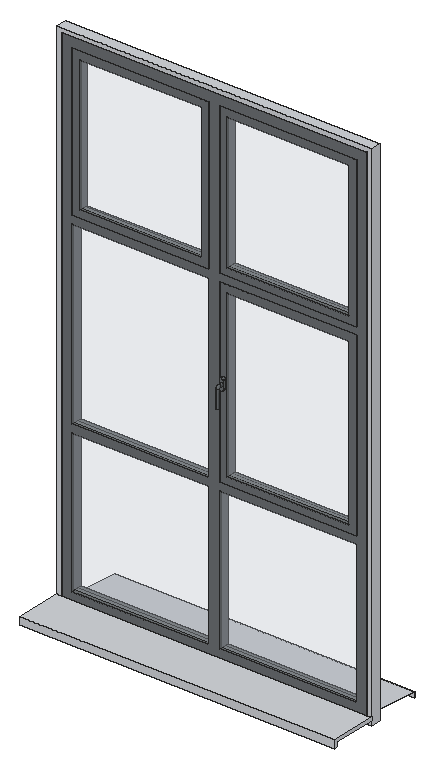
Revit family "AVLN_Окно_Две Фрамуга_2 створки", category Окна, Revit 2021
Family settings
  Основа = Стена
  Номер OmniClass = 23.30.20.00
  Заголовок OmniClass = Windows
  Всегда вертикально = Да
  При загрузке вырезать с полостями = Нет
  Общий = Нет
  Точка принадлежности помещению = Нет
Parameters (values of type "ОК-6 3450х2100")
  Ширина_на_2 = Width / 2  # 1050 mm
  Ширина рамы = 70 mm
  Ширина импоста = 50 mm
  Четверть слева/справа = 50 mm
  Четверть низ = 0 mm  # constant formula
  Четверть верх = 50 mm
  Створка_сверху_высота = 1000 mm
  Створка_снизу_высота = 950 mm
  Створка_толщина = 25 mm  # constant formula
  Толщина основы [instance] = 200 mm
  Створка_справа_ширина = Width - ((Ширина рамы * 3) + (Монтажный зазор * 2) + Створка_слева_ширина)  # 915 mm
  Створка_слева_ширина = 915 mm
  Створка_профиль = 50 mm
  Створка_высота = Height - (Створка_снизу_высота + Створка_сверху_высота + (Ширина рамы * 2) + (Ширина импоста * 2) + (Монтажный зазор * 2))  # 1200 mm
  Центр право открывание = АВЛН_Створка открывная : Створка повороно-откидная правая
  Центр лево открывание = АВЛН_Створка открывная : Створка глухая
  Рабочая зона = yes
  Rough Width = Width - Монтажный зазор * 2  # 2040 mm
  Rough Height = Height - Монтажный зазор * 2  # 3390 mm
  Подстановочный профиль_Ширина = 20 mm  # constant formula
  Подстановочный профиль_Толщина = 60 mm
  Подоконник_Толщина = 20 mm
  Подоконник_Длина = Width  # 2100 mm
  Подоконник_Глубина = 280 mm
  Подоконник = yes
  Площадь проёма = Width * Height  # 7.245 m²
  Определить тепловые свойства по = Тип схем
  Низ право открывание = АВЛН_Створка открывная : Створка глухая
  Низ лево открывание = АВЛН_Створка открывная : Створка глухая
  М.Заполнение нижней створки = ADSK_Стекло_Прозрачное бесцветное_закалённое
  Группа модели = "Окно"
  Глубина вставки = 0 mm
  Отлив_Толщина = 1 mm  # constant formula
  Отлив_Длина = Width - [Четверть слева/справа] * 2  # 2000 mm
  Отлив_Глубина = 330 mm
  Отлив = yes
  Откос_Н.Ширина = Width - 2 * [Четверть слева/справа]  # 2000 mm
  Откос_Н.Толщина.8 = 32 mm
  Откос_Н.Толщина.7 = 28 mm
  Откос_Н.Толщина.6 = 24 mm
  Откос_Н.Толщина.5 = 20 mm
  Откос_Н.Толщина.4 = 16 mm
  Откос_Н.Толщина.3 = 12 mm
  Откос_Н.Толщина.2 = 8 mm
  Откос_Н.Толщина.1 = 4 mm
  Откос_Н.Отступ_П = 0 mm  # constant formula
  Откос_Н.Отступ_Л = 0 mm  # constant formula
  Откос_Н.Количество слоев = 0
  Откос_Н.Глубина = 150 mm
  Откос_Н.Высота = Height - Четверть верх - Четверть низ  # 3400 mm
  Откос_В.Толщина.8 = 32 mm
  Откос_В.Толщина.7 = 28 mm
  Откос_В.Толщина.6 = 24 mm
  Откос_В.Толщина.5 = 20 mm
  Откос_В.Толщина.4 = 16 mm
  Откос_В.Толщина.3 = 12 mm
  Откос_В.Толщина.2 = 8 mm
  Откос_В.Толщина.1 = 4 mm
  Откос_В.Отступ_П [instance] = Монтажный зазор + Подоконник_Толщина  # 50 mm
  Откос_В.Отступ_Л [instance] = Монтажный зазор + Подоконник_Толщина  # 50 mm
  Откос_В.Количество слоев = 0
  Откос_В.Глубина [instance] = Толщина основы - Глубина вставки - Ширина рамы  # 130 mm
  Монтажный зазор = 30 mm
  М.Подоконник = none
  М.Отлив = none
  М.Откос_Н.8 = none
  М.Откос_Н.7 = none
  М.Откос_Н.6 = none
  М.Откос_Н.5 = none
  М.Откос_Н.4 = none
  М.Откос_Н.3 = none
  М.Откос_Н.2 = none
  М.Откос_Н.1 = Панель фиброцементная Светлая
  М.Откос_В.8 = none
  М.Откос_В.7 = none
  М.Откос_В.6 = none
  М.Откос_В.5 = none
  М.Откос_В.4 = none
  М.Откос_В.3 = none
  М.Откос_В.2 = none
  М.Откос_В.1 = Панель фиброцементная Светлая
  М.Монтажного зазора = none
  М.Стекла = ADSK_Стекло_Прозрачное бесцветное
  М.Рамы = RAL 7016
  М.Подоконный профиль = none
  Type Comments = ""
  Height = 3450 mm
  Высота подоконника по умолчанию = 100 mm
  Замыкание стены = По основе
  Width = 2100 mm
  Верх право открывание = АВЛН_Створка открывная : Створка откидная
  Верх лево открывание = АВЛН_Створка открывная : Створка откидная
  Аналитическая конструкция = "<Нет>"
  АВЛН_Проем_Ширина [instance] = Width  # 2100 mm
  АВЛН_Проем_Высота [instance] = Height  # 3450 mm
  ADSK_Этаж [instance] = ""
  ADSK_Размер_Ширина = Width  # 2100 mm
  ADSK_Размер_Высота = Height  # 3450 mm
  ADSK_Примечание [instance] = ""
  ADSK_Обозначение = "ГОСТ 30674-99"
  ADSK_Номер секции [instance] = ""
  ADSK_Наименование = "ОП Б2 (4М1-12-4М1-12-И4)"
  ADSK_Марка = ""
  ADSK_Группирование = ""
  -----------Разрезка----------- = "-----------"  # constant formula
  -----------Профили----------- = "-----------"  # constant formula
  -----------Подоконник----------- = "-----------"  # constant formula
  -----------Отлив----------- = "-----------"  # constant formula
  -----------Откос----------- = "-----------"  # constant formula
  -----------Основные габариты----------- = "-----------"  # constant formula
  -----------Вставка----------- = "-----------"  # constant formula
Reference planes
  plane 1 "По центру (Вперед/Назад)": y = 0
  plane 2 "По центру (Влево/Вправо)": x = 0
  plane 3 "Слева": x = -1050
  plane 4 "Справа": x = 1050
  plane 5 "Подоконник": z = 100
  plane 6 "Заголовок": z = 3550
  plane 7 "Наружный": y = 100
  plane 8 "Внутренние": y = -100
  plane 9 "Окно": y = 100
  plane 10: x = 1020
  plane 11: z = 3520
  plane 12: x = -1020
  plane 13: z = 130
  plane 14: x = 1000
  plane 15: x = -1000
  plane 16: z = 1825
  plane 17: y = 700
  plane 18: y = -400
  plane 19: z = 3500
  plane 20 "Чет. низ": z = 100
  plane 21 "Внутряння грань": y = 30
  plane 22: y = 80
  plane 23 "Импост верх": z = 1200
  plane 24 "Импост низ": z = 1150
  plane 25: z = 200
  plane 26: z = 3450
  plane 27: x = -950
  plane 28: x = 950
  plane 29 "4": z = 1175
  plane 30 "5": x = -35
  plane 31 "6": x = 35
  plane 32 "9": x = 0
  plane 33 "10": x = 492.5
  plane 34 "11": x = -492.5
  plane 35 "12": z = 1800
  plane 36: z = 675
  plane 37 "14": z = 2450
  plane 38 "15": z = 2400
  plane 39 "16": z = 2425
  plane 40: z = 2950
  plane 41: y = -1020
Forms (mm)
  Extrusion 1, void
    sketch origin (0, 100, 0) x (1, 0, 0) y (0, 0, 1)
      loop
        line (1000, 3500) -> (-1000, 3500) -> (-1000, 100) -> (1000, 100) -> (1000, 3500)
    from -600 to 20
  Extrusion 2, void
    sketch origin (0, 100, 0) x (1, 0, 0) y (0, 0, 1)
      loop
        line (1050, 3550) -> (-1050, 3550) -> (-1050, 100) -> (1050, 100) -> (1050, 3550)
    from 0 to 500
  Extrusion 3, solid, material <- "М.Монтажного зазора", detail levels medium+fine
    sketch origin (0, 100, 0) x (1, 0, 0) y (0, 0, 1)
      loop
        line (1050, 3550) -> (-1050, 3550) -> (-1050, 100) -> (1050, 100) -> (1050, 3550)
      loop
        line (-1020, 3520) -> (-1020, 130) -> (1020, 130) -> (1020, 3520) -> (-1020, 3520)
    from 0 to 70
  Extrusion 4, solid, material "RAL 7016" <- "М.Рамы", detail levels medium+fine
    sketch origin (0, 100, 0) x (-1, 0, 0) y (0, 0, 1)
      loop
        line (-1020, 3520) -> (-1020, 130) -> (1020, 130) -> (1020, 3520) -> (-1020, 3520)
      loop
        line (-35, 200) -> (-35, 1150) -> (-950, 1150) -> (-950, 200) -> (-35, 200)
      loop
        line (35, 3450) -> (35, 2450) -> (950, 2450) -> (950, 3450) -> (35, 3450)
      loop
        line (35, 200) -> (950, 200) -> (950, 1150) -> (35, 1150) -> (35, 200)
      loop
        line (35, 1200) -> (950, 1200) -> (950, 2400) -> (35, 2400) -> (35, 1200)
      loop
        line (-35, 3450) -> (-950, 3450) -> (-950, 2450) -> (-35, 2450) -> (-35, 3450)
      loop
        line (-35, 1200) -> (-35, 2400) -> (-950, 2400) -> (-950, 1200) -> (-35, 1200)
    from -70 to 0
Lines and regions (mm)
  reference lines
    curve 1: line (-1050, -100, 1175) -> (1050, -100, 1175)
    curve 2: line (0, -100, 3550) -> (0, -100, 100)
    curve 3: line (-1050, -100, 2425) -> (1050, -100, 2425)
  model lines, style "Рабочая зона", visible <- "Рабочая зона"
    curve 4: line (-1050, -1020, 100) -> (1050, -1020, 100)
    curve 5: line (1050, 30, 100) -> (1050, -1020, 100)
    curve 6: line (-1050, 30, 100) -> (-1050, -1020, 100)
Text (mm)
  text "EXTERIOR" at (-1963.203, 1332.353, 0), in view "Опорный уровень"
  text "INTERIOR" at (-1981.466, -818.386, 0), in view "Опорный уровень"
  text "Наружный" at (0, 923.751, 2943.296), in view "Справа"
  text "Наружный" at (0, 1240.237, 2685.409), in view "Слева"
Dimensions and locks
  equal spacing: plane 3 "Слева", plane 2 "По центру (Влево/Вправо)", plane 4 "Справа"
  "Width": plane 3 "Слева" to plane 4 "Справа"
  "Height": plane 5 "Подоконник" to plane 6 "Заголовок"
  "Высота подоконника по умолчанию": plane 5 "Подоконник" to level
  locked: plane 7 "Наружный" to host wall
  locked: plane 8 "Внутренние" to host wall
  "Глубина вставки": plane 9 "Окно" to plane 7 "Наружный"
  "Монтажный зазор": plane 10 to plane 4 "Справа"
  "Монтажный зазор": plane 3 "Слева" to plane 12
  "Монтажный зазор": plane 11 to plane 6 "Заголовок"
  "Монтажный зазор": plane 5 "Подоконник" to plane 13
  "Четверть слева/справа": plane 14 to plane 4 "Справа"
  "Четверть слева/справа": plane 3 "Слева" to plane 15
  equal spacing: plane 5 "Подоконник", plane 16, plane 6 "Заголовок"
  plane 7 "Наружный" to plane 17 = 600 mm
  locked: plane 18 to plane 8 "Внутренние" at 300
  "Четверть верх": plane 19 to plane 6 "Заголовок"
  "Четверть низ": plane 5 "Подоконник" to plane 20 "Чет. низ"
  "Ширина рамы": plane 9 "Окно" to plane 21 "Внутряння грань"
  "Толщина основы": host wall to host wall
  locked: plane 22 to plane 21 "Внутряння грань" at 50
  "Ширина импоста": plane 24 "Импост низ" to plane 23 "Импост верх"
  "Ширина рамы": plane 28 to plane 10
  "Ширина рамы": plane 12 to plane 27
  "Ширина рамы": plane 13 to plane 25
  "Ширина рамы": plane 26 to plane 11
  plane 23 "Импост верх" to plane 26 = 2250 mm
  "Створка_снизу_высота": plane 25 to plane 24 "Импост низ"
  equal spacing: plane 23 "Импост верх", plane 29 "4", plane 24 "Импост низ"
  "Створка_слева_ширина": plane 27 to plane 30 "5"
  "Ширина рамы": plane 30 "5" to plane 31 "6"
  equal spacing: plane 30 "5", curve 2, plane 31 "6"
  equal spacing: plane 31 "6", plane 33 "10", plane 28
  equal spacing: plane 27, plane 34 "11", plane 30 "5"
  equal spacing: plane 38 "15", plane 35 "12", plane 23 "Импост верх"
  equal spacing: plane 24 "Импост низ", plane 36, plane 25
  plane 23 "Импост верх" to nested 6 to plane 26 = 600 mm, 1650 mm
  plane 25 to plane 36 to plane 24 "Импост низ" = 475 mm, 475 mm
  "Ширина импоста": plane 38 "15" to plane 37 "14"
  equal spacing: plane 37 "14", plane 39 "16", plane 38 "15"
  "Створка_сверху_высота": plane 37 "14" to plane 26
  equal spacing: plane 37 "14", plane 40, plane 26
  "Ширина_на_2": plane 21 "Внутряння грань" to plane 41
  aligned and locked: Extrusion 1 sketch curve to plane 14
  aligned and locked: Extrusion 1 sketch curve to plane 15
  aligned and locked: plane 17 to Extrusion 1
  aligned and locked: Extrusion 2 sketch curve to plane 6 "Заголовок"
  aligned and locked: Extrusion 2 sketch curve to plane 4 "Справа"
  aligned and locked: plane 5 "Подоконник" to Extrusion 2 sketch curve
  aligned and locked: Extrusion 2 sketch curve to plane 3 "Слева"
  aligned and locked: Extrusion 2 to plane 9 "Окно"
  aligned and locked: Extrusion 2 to plane 18
  aligned and locked: Extrusion 1 sketch curve to plane 19
  aligned and locked: plane 20 "Чет. низ" to Extrusion 1 sketch curve
  aligned and locked: plane 9 "Окно" to nested 1
  aligned and locked: plane 2 "По центру (Влево/Вправо)" to nested 1
  aligned and locked: nested 2 to plane 21 "Внутряння грань"
  aligned and locked: nested 2 to plane 2 "По центру (Влево/Вправо)"
  aligned and locked: nested 3 to plane 2 "По центру (Влево/Вправо)"
  aligned and locked: plane 8 "Внутренние" to nested 3
  aligned and locked: nested 4 to plane 9 "Окно"
  aligned and locked: Extrusion 3 sketch curve to plane 6 "Заголовок"
  aligned and locked: Extrusion 3 sketch curve to plane 4 "Справа"
  aligned and locked: Extrusion 3 sketch curve to nested 2  (x2)
  aligned and locked: Extrusion 3 sketch curve to plane 11
  aligned and locked: Extrusion 3 sketch curve to plane 12
  aligned and locked: Extrusion 3 sketch curve to plane 13
  aligned and locked: Extrusion 3 sketch curve to plane 10
  aligned and locked: Extrusion 3 to nested 2
  aligned and locked: plane 24 "Импост низ" to Extrusion 4 sketch curve
  aligned and locked: plane 23 "Импост верх" to Extrusion 4 sketch curve
  aligned and locked: Extrusion 4 sketch curve to Extrusion 4 sketch curve  (x2)
  aligned and locked: plane 27 to Extrusion 4 sketch curve
  aligned and locked: Extrusion 4 sketch curve to plane 12
  aligned and locked: Extrusion 4 sketch curve to plane 13
  aligned and locked: Extrusion 4 sketch curve to plane 26
  aligned and locked: Extrusion 4 sketch curve to plane 11
  aligned and locked: plane 20 "Чет. низ" to nested 4
  aligned and locked: nested 4 to plane 2 "По центру (Влево/Вправо)"
  aligned and locked: Extrusion 3 to plane 9 "Окно"
  aligned and locked: Extrusion 4 to plane 21 "Внутряння грань"
  aligned and locked: Extrusion 4 to plane 9 "Окно"
  aligned and locked: Extrusion 1 to plane 22
  aligned and locked: curve 1 to plane 29 "4"
  aligned and locked: plane 3 "Слева" to curve 1
  aligned and locked: plane 4 "Справа" to curve 1
  aligned and locked: Extrusion 4 sketch curve to plane 30 "5"
  aligned and locked: Extrusion 4 sketch curve to plane 10
  aligned and locked: plane 26 to Extrusion 4 sketch curve
  aligned and locked: Extrusion 4 sketch curve to plane 25
  aligned and locked: Extrusion 4 sketch curve to plane 28
  aligned and locked: Extrusion 4 sketch curve to plane 24 "Импост низ"
  aligned and locked: Extrusion 4 sketch curve to plane 23 "Импост верх"
  aligned and locked: Extrusion 4 sketch curve to plane 31 "6"  (x2)
  aligned and locked: plane 6 "Заголовок" to curve 2
  aligned and locked: plane 5 "Подоконник" to curve 2
  aligned and locked: plane 35 "12" to nested 5
  aligned and locked: plane 35 "12" to nested 6
  aligned and locked: plane 33 "10" to nested 6
  aligned and locked: plane 36 to nested 7
  aligned and locked: plane 36 to nested 8
  aligned and locked: plane 33 "10" to nested 7
  aligned and locked: plane 34 "11" to nested 8
  aligned and locked: plane 34 "11" to nested 5
  aligned and locked: Extrusion 4 to plane 31 "6"
  aligned and locked: plane 30 "5" to Extrusion 4
  aligned and locked: plane 28 to Extrusion 4
  aligned and locked: Extrusion 4 to plane 27
  aligned and locked: plane 37 "14" to Extrusion 4 sketch curve
  aligned and locked: plane 38 "15" to Extrusion 4 sketch curve
  aligned and locked: Extrusion 4 sketch curve to plane 38 "15"
  aligned and locked: Extrusion 4 sketch curve to plane 37 "14"
  aligned and locked: plane 40 to nested 10
  aligned and locked: plane 34 "11" to nested 10
  aligned and locked: plane 40 to nested 9
  aligned and locked: plane 33 "10" to nested 9
  aligned and locked: curve 3 to plane 39 "16"
  aligned and locked: plane 3 "Слева" to curve 6
  aligned and locked: plane 4 "Справа" to curve 5
  aligned and locked: curve 4 to plane 41
Automatic sketch dimensions
  plane 3 "Слева" to curve 3 = 0 mm
  plane 4 "Справа" to curve 3 = 0 mm
  plane 28 to Extrusion 4 sketch curve = 0 mm  (x2)
  plane 31 "6" to Extrusion 4 sketch curve = 0 mm
  plane 30 "5" to Extrusion 4 sketch curve = 0 mm
  plane 27 to Extrusion 4 sketch curve = 0 mm
  Extrusion 4 sketch curve to plane 25 = 0 mm
  curve 5 to plane 21 "Внутряння грань" = 0 mm
  curve 6 to plane 21 "Внутряння грань" = 0 mm
Nested families
  nested 1: "Отлив" at (0, 100, 100) x (-1, 0, 0) z (0, 0, 1), Глубина отлива <- "Отлив_Глубина", Длина отлива <- "Отлив_Длина", ТО <- "Отлив_Толщина", Ш_МЗЗ <- "Монтажный зазор", Ш_ПП <- "Подстановочный профиль_Ширина", ADSK_Группирование <- "ADSK_Группирование", ADSK_Номер секции <- "ADSK_Номер секции", ADSK_Этаж <- "ADSK_Этаж", visible <- "Отлив", М <- "М.Отлив", type "Отлив", detail levels fine
    with Ш_ПП 20 mm, Ш_МЗЗ 30 mm, ТО 1 mm, М none, Длина отлива 2000 mm, Глубина отлива 330 mm, ADSK_Этаж "", ADSK_Примечание "", ADSK_Обозначение "", ADSK_Номер секции "", ADSK_Наименование "", ADSK_Марка "", ADSK_Группирование ""
  nested 2: "Подоконник" at (0, 30, 100), Глубина подоконника <- "Подоконник_Глубина", Длина отлива <- "Подоконник_Длина", ТП <- "Подоконник_Толщина", Ш_МЗЗ <- "Монтажный зазор", Ш_ПП <- "Подстановочный профиль_Ширина", ADSK_Группирование <- "ADSK_Группирование", ADSK_Этаж <- "ADSK_Этаж", visible <- "Подоконник", М <- "М.Подоконник", type "Подоконник", detail levels fine
    with Ш_ПП 20 mm, Ш_МЗЗ 30 mm, ТП 20 mm, М none, Длина отлива 2100 mm, Глубина подоконника 280 mm, ADSK_Этаж "", ADSK_Размер_Длина 2100 mm, ADSK_Размер_Глубина 280 mm, ADSK_Номер секции "", ADSK_Марка "", ADSK_Группирование ""
  nested 3: "AVLN_Откосы_R19" at (0, -100, 0), Глубина <- "Откос_В.Глубина", Высота от уровня <- "Высота подоконника по умолчанию", ADSK_Группирование <- "Type Comments", ADSK_Этаж <- "ADSK_Этаж", ADSK_Номер секции <- "ADSK_Номер секции", Материал_1 <- "М.Откос_В.1", Материал_2 <- "М.Откос_В.2", Материал_3 <- "М.Откос_В.3", Материал_4 <- "М.Откос_В.4", Материал_5 <- "М.Откос_В.5", Материал_6 <- "М.Откос_В.6", Материал_7 <- "М.Откос_В.7", Материал_8 <- "М.Откос_В.8", Толщина_1 <- "Откос_В.Толщина.1", Толщина_2 <- "Откос_В.Толщина.2", Толщина_3 <- "Откос_В.Толщина.3", Толщина_4 <- "Откос_В.Толщина.4", Толщина_5 <- "Откос_В.Толщина.5", Толщина_6 <- "Откос_В.Толщина.6", Толщина_7 <- "Откос_В.Толщина.7", Толщина_8 <- "Откос_В.Толщина.8", Количество слоев <- "Откос_В.Количество слоев", Отступ_Л <- "Откос_В.Отступ_Л", Отступ_П <- "Откос_В.Отступ_П", Высота <- "Height", Ширина <- "Width", type "AVLN_Откосы_R19"
    with Ширина_8 1876 mm, Ширина_7 1932 mm, Ширина_6 1980 mm, Ширина_5 2020 mm, Ширина_4 2052 mm, Ширина_3 2076 mm, Ширина_2 2092 mm, Ширина 2100 mm, Толщина_8 32 mm, Толщина_7 28 mm, Толщина_6 24 mm, Толщина_5 20 mm, Толщина_4 16 mm, Толщина_3 12 mm, Толщина_2 8 mm, Толщина_1 4 mm, Отступ_П 50 mm, Отступ_Л 50 mm, Материал_8 none, Материал_7 none, Материал_6 none, Материал_5 none, Материал_4 none, Материал_3 none, Материал_2 none, Материал_1 Панель фиброцементная Светлая, Количество слоев 0, Глубина 130 mm, Высота_8 3338 mm, Высота_7 3366 mm, Высота_6 3390 mm, Высота_5 3410 mm, Высота_4 3426 mm, Высота_3 3438 mm, Высота_2 3446 mm, Высота от уровня 100 mm, Высота 3450 mm, Видимость_8 no, Видимость_7 no, Видимость_6 no, Видимость_5 no, Видимость_4 no, Видимость_3 no, Видимость_2 no, Видимость_1 no, ADSK_Этаж "", ADSK_Номер секции "", ADSK_Группирование ""
  nested 4: "AVLN_Откосы_R19" at (0, 100, 0), Ширина <- "Откос_Н.Ширина", Глубина <- "Откос_Н.Глубина", Высота <- "Откос_Н.Высота", Высота от уровня <- "Высота подоконника по умолчанию", ADSK_Группирование <- "Type Comments", ADSK_Этаж <- "ADSK_Этаж", ADSK_Номер секции <- "ADSK_Номер секции", Материал_1 <- "М.Откос_Н.1", Материал_2 <- "М.Откос_Н.2", Материал_3 <- "М.Откос_Н.3", Материал_4 <- "М.Откос_Н.4", Материал_5 <- "М.Откос_Н.5", Материал_6 <- "М.Откос_Н.6", Материал_7 <- "М.Откос_Н.7", Материал_8 <- "М.Откос_Н.8", Толщина_1 <- "Откос_Н.Толщина.1", Толщина_2 <- "Откос_Н.Толщина.2", Толщина_3 <- "Откос_Н.Толщина.3", Толщина_4 <- "Откос_Н.Толщина.4", Толщина_5 <- "Откос_Н.Толщина.5", Толщина_6 <- "Откос_Н.Толщина.6", Толщина_7 <- "Откос_Н.Толщина.7", Толщина_8 <- "Откос_Н.Толщина.8", Количество слоев <- "Откос_Н.Количество слоев", Отступ_Л <- "Откос_Н.Отступ_Л", Отступ_П <- "Откос_Н.Отступ_П", type "AVLN_Откосы_R19"
    with Ширина_8 1776 mm, Ширина_7 1832 mm, Ширина_6 1880 mm, Ширина_5 1920 mm, Ширина_4 1952 mm, Ширина_3 1976 mm, Ширина_2 1992 mm, Ширина 2000 mm, Толщина_8 32 mm, Толщина_7 28 mm, Толщина_6 24 mm, Толщина_5 20 mm, Толщина_4 16 mm, Толщина_3 12 mm, Толщина_2 8 mm, Толщина_1 4 mm, Отступ_П 0 mm, Отступ_Л 0 mm, Материал_8 none, Материал_7 none, Материал_6 none, Материал_5 none, Материал_4 none, Материал_3 none, Материал_2 none, Материал_1 Панель фиброцементная Светлая, Количество слоев 0, Глубина 150 mm, Высота_8 3288 mm, Высота_7 3316 mm, Высота_6 3340 mm, Высота_5 3360 mm, Высота_4 3376 mm, Высота_3 3388 mm, Высота_2 3396 mm, Высота от уровня 100 mm, Высота 3400 mm, Видимость_8 no, Видимость_7 no, Видимость_6 no, Видимость_5 no, Видимость_4 no, Видимость_3 no, Видимость_2 no, Видимость_1 no, ADSK_Этаж "", ADSK_Номер секции "", ADSK_Группирование ""
  nested 5: "АВЛН_Створка открывная" at (-492.5, 30, 1800) x (1, 0, 0) z (0, 1, 0), type <- "Центр лево открывание", Створка высота <- "Створка_высота", Створка ширина <- "Створка_слева_ширина", Ширина рамы <- "Створка_профиль", Материал_Ручки <- "М.Рамы", Материал_Рама <- "М.Рамы", Материал_Стеклопакет <- "М.Стекла", type "Створка глухая", detail levels medium+fine
    with Ширина рамы 50 mm, Створка ширина 915 mm, Створка высота 1200 mm, Материал_Стеклопакет ADSK_Стекло_Прозрачное бесцветное, Материал_Ручки RAL 7016, Материал_Рама RAL 7016, Width 915 mm, Height 1200 mm
  nested 6: "АВЛН_Створка открывная" at (492.5, 30, 1800) x (1, 0, 0) z (0, 1, 0), type <- "Центр право открывание", Створка высота <- "Створка_высота", Створка ширина <- "Створка_справа_ширина", Ширина рамы <- "Створка_профиль", Материал_Ручки <- "М.Рамы", Материал_Рама <- "М.Рамы", Материал_Стеклопакет <- "М.Стекла", type "Створка повороно-откидная правая", detail levels medium+fine
    with Ширина рамы 50 mm, Створка ширина 915 mm, Створка высота 1200 mm, Материал_Стеклопакет ADSK_Стекло_Прозрачное бесцветное, Материал_Ручки RAL 7016, Материал_Рама RAL 7016, Width 915 mm, Height 1200 mm
  nested 7: "АВЛН_Створка открывная" at (492.5, 30, 675) x (1, 0, 0) z (0, 1, 0), type <- "Низ право открывание", Створка высота <- "Створка_снизу_высота", Створка ширина <- "Створка_справа_ширина", Ширина рамы <- "Створка_профиль", Материал_Ручки <- "М.Рамы", Материал_Рама <- "М.Рамы", Материал_Стеклопакет <- "М.Заполнение нижней створки", type "Створка глухая", detail levels medium+fine
    with Ширина рамы 50 mm, Створка ширина 915 mm, Створка высота 950 mm, Материал_Стеклопакет ADSK_Стекло_Прозрачное бесцветное_закалённое, Материал_Ручки RAL 7016, Материал_Рама RAL 7016, Width 915 mm, Height 1200 mm
  nested 8: "АВЛН_Створка открывная" at (-492.5, 30, 675) x (1, 0, 0) z (0, 1, 0), Створка высота <- "Створка_снизу_высота", Створка ширина <- "Створка_слева_ширина", Ширина рамы <- "Створка_профиль", type <- "Низ лево открывание", Материал_Ручки <- "М.Рамы", Материал_Рама <- "М.Рамы", Материал_Стеклопакет <- "М.Заполнение нижней створки", type "Створка глухая", detail levels medium+fine
    with Ширина рамы 50 mm, Створка ширина 915 mm, Створка высота 950 mm, Материал_Стеклопакет ADSK_Стекло_Прозрачное бесцветное_закалённое, Материал_Ручки RAL 7016, Материал_Рама RAL 7016, Width 915 mm, Height 1200 mm
  nested 9: "АВЛН_Створка открывная" at (492.5, 30, 2950) x (1, 0, 0) z (0, 1, 0), type <- "Верх право открывание", Створка высота <- "Створка_сверху_высота", Створка ширина <- "Створка_справа_ширина", Ширина рамы <- "Створка_профиль", Материал_Ручки <- "М.Рамы", Материал_Рама <- "М.Рамы", Материал_Стеклопакет <- "М.Стекла", type "Створка откидная", detail levels medium+fine
    with Ширина рамы 50 mm, Створка ширина 915 mm, Створка высота 1000 mm, Материал_Стеклопакет ADSK_Стекло_Прозрачное бесцветное, Материал_Ручки RAL 7016, Материал_Рама RAL 7016, Width 915 mm, Height 1200 mm
  nested 10: "АВЛН_Створка открывная" at (-492.5, 30, 2950) x (1, 0, 0) z (0, 1, 0), type <- "Верх лево открывание", Створка высота <- "Створка_сверху_высота", Створка ширина <- "Створка_слева_ширина", Ширина рамы <- "Створка_профиль", Материал_Ручки <- "М.Рамы", Материал_Рама <- "М.Рамы", Материал_Стеклопакет <- "М.Стекла", type "Створка откидная", detail levels medium+fine
    with Ширина рамы 50 mm, Створка ширина 915 mm, Створка высота 1000 mm, Материал_Стеклопакет ADSK_Стекло_Прозрачное бесцветное, Материал_Ручки RAL 7016, Материал_Рама RAL 7016, Width 915 mm, Height 1200 mm
Definition of nested family "Отлив"
  Parameters (values of type "Отлив")
    Ш_ПП [instance] = 50 mm
    Ш_МЗЗ [instance] = 35 mm
    ТО [instance] = 1 mm
    Default Elevation = 1219.2 mm
    М [instance] = none
    Длина отлива [instance] = 1560 mm
    Глубина отлива [instance] = 280 mm
    ADSK_Этаж [instance] = ""
    ADSK_Примечание [instance] = ""
    ADSK_Обозначение [instance] = ""
    ADSK_Номер секции [instance] = ""
    ADSK_Наименование [instance] = ""
    ADSK_Марка [instance] = ""
    ADSK_Группирование [instance] = ""
  Reference planes
    plane 1 "По центру (Вперед/Назад)": y = 0
    plane 2: z = 0
    plane 3 "По центру (Влево/Вправо)": x = 0
    plane 4: y = -280
    plane 5: x = -780
    plane 6: x = 780
    plane 7: z = 35
    plane 8: z = 85
    plane 9: y = -1
    plane 10: y = -300
    plane 11: y = -301
    plane 12: z = -35
    plane 13: z = 34
  Forms (mm)
    Extrusion 1, solid, material <- "М"
      sketch origin (0, 0, 0) x (0, 1, 0) y (0, 0, 1)
        loop
          line (0, 85) -> (-1, 85) -> (-1, 34.893) -> (-301, 0.893) -> (-301, -35) -> (-300, -35) -> (-300, 0) -> (0, 34) -> (0, 85)
      from -780 to 780
  Dimensions and locks
    equal spacing: plane 5, plane 3 "По центру (Влево/Вправо)", plane 6
    "Длина отлива": plane 5 to plane 6
    "Глубина отлива": plane 4 to plane 1 "По центру (Вперед/Назад)"
    "Ш_МЗЗ": plane 7 to level
    "Ш_ПП": plane 8 to plane 7
    "ТО": plane 1 "По центру (Вперед/Назад)" to plane 9
    "ТО": plane 10 to plane 11
    locked: level to plane 12 at 35
    "ТО": plane 7 to plane 13
    "ТО": Extrusion 1 sketch curve to Extrusion 1 sketch curve
    locked: plane 4 to plane 10 at 20
    aligned and locked: level to plane 2
    aligned and locked: plane 8 to Extrusion 1 sketch curve
    aligned and locked: plane 9 to Extrusion 1 sketch curve
    aligned and locked: plane 11 to Extrusion 1 sketch curve
    aligned and locked: plane 12 to Extrusion 1 sketch curve
    aligned and locked: plane 1 "По центру (Вперед/Назад)" to Extrusion 1 sketch curve  (x2)
    aligned and locked: plane 13 to Extrusion 1 sketch curve
    aligned and locked: level to Extrusion 1 sketch curve
    aligned and locked: plane 10 to Extrusion 1 sketch curve
    aligned and locked: plane 6 to Extrusion 1
    aligned and locked: Extrusion 1 to plane 5
Definition of nested family "Подоконник"
  Parameters (values of type "Подоконник")
    Ш_ПП [instance] = 50 mm
    Ш_МЗЗ [instance] = 35 mm
    ТП [instance] = 20 mm
    Default Elevation = 1219.2 mm
    М [instance] = none
    Длина отлива [instance] = 1560 mm
    Model = "Подоконная доска"
    Глубина подоконника [instance] = 280 mm
    ADSK_Этаж [instance] = ""
    ADSK_Размер_Длина [instance] = Длина отлива  # 1560 mm
    ADSK_Размер_Глубина [instance] = Глубина подоконника  # 280 mm
    ADSK_Обозначение = "ГОСТ 30673-93"
    ADSK_Номер секции [instance] = ""
    ADSK_Наименование = "Подоконная доска ПВХ"
    ADSK_Марка [instance] = ""
    ADSK_Группирование [instance] = ""
  Reference planes
    plane 1 "По центру (Вперед/Назад)": y = 0
    plane 2: z = 0
    plane 3 "По центру (Влево/Вправо)": x = 0
    plane 4: y = -280
    plane 5: x = -780
    plane 6: x = 780
    plane 7: z = 35
    plane 8: z = 85
    plane 9: y = -20
    plane 10: y = -290
    plane 11: y = -310
    plane 12: z = -35
    plane 13: z = 15
    plane 14: z = 65
  Forms (mm)
    Extrusion 1, solid, material <- "М"
      sketch origin (0, 0, 0) x (0, 1, 0) y (0, 0, 1)
        loop
          line (0, 85) -> (-310, 85) -> (-310, 0) -> (-290, 0) -> (-290, 65) -> (0, 65) -> (0, 85)
      from -780 to 780
  Dimensions and locks
    equal spacing: plane 5, plane 3 "По центру (Влево/Вправо)", plane 6
    "Длина отлива": plane 5 to plane 6
    "Глубина подоконника": plane 4 to plane 1 "По центру (Вперед/Назад)"
    "Ш_МЗЗ": plane 7 to level
    "Ш_ПП": plane 8 to plane 7
    "ТП": plane 1 "По центру (Вперед/Назад)" to plane 9
    "ТП": plane 10 to plane 11
    locked: level to plane 12 at 35
    "ТП": plane 7 to plane 13
    locked: plane 4 to plane 10 at 10
    "ТП": plane 8 to plane 14
    aligned and locked: level to plane 2
    aligned and locked: plane 8 to Extrusion 1 sketch curve
    aligned and locked: plane 1 "По центру (Вперед/Назад)" to Extrusion 1 sketch curve
    aligned and locked: plane 10 to Extrusion 1 sketch curve
    aligned and locked: plane 11 to Extrusion 1 sketch curve
    aligned and locked: level to Extrusion 1 sketch curve
    aligned and locked: plane 14 to Extrusion 1 sketch curve
    aligned and locked: Extrusion 1 to plane 5
    aligned and locked: plane 6 to Extrusion 1
Definition of nested family "АВЛН_Створка открывная"
  Parameters (values of type "Створка повороно-откидная правая")
    Ширина рамы [instance] = 50 mm
    Width = 600 mm
    Створка ширина [instance] = 800 mm
    Створка высота [instance] = 700 mm
    Материал_Стеклопакет [instance] = none
    Поворотная Правая = yes
    Поворотная Левая = no
    Default Elevation = 1219.2 mm
    Открываная = yes
    Откидная = yes
    Материал_Ручки [instance] = none
    Материал_Рама [instance] = none
    Левая = yes
    Глухое = no
    Height = 1150 mm
    Analytic Construction = "<Нет>"
  Types (6, lengths in mm): name | Width | Поворотная Правая | Поворотная Левая | Открываная | Откидная | Глухое | Height
    Створка повороно-откидная правая | 600 | yes | no | yes | yes | no | 1150
    Створка повороно-откидная левая | 600 | no | yes | yes | yes | no | 1150
    Створка глухая | 600 | no | no | no | no | yes | 1150
    Створка откидная | 1300 | no | no | yes | yes | no | 1700
    Створка поворотная правая | 600 | yes | no | yes | no | no | 1150
    Створка поворотная левая | 600 | no | yes | yes | no | no | 1150
  Reference planes
    plane 1 "По центру (Вперед/Назад)": y = 0
    plane 2 "Внутрення грань": z = 0
    plane 3 "По центру (Влево/Вправо)": x = 0
    plane 4: y = 350
    plane 5: x = 400
    plane 6: y = -350
    plane 7: x = -400
    plane 8 "Наружняя грань": z = 60.433
    plane 9 "По центру Л/Р": z = 30.216
  Forms (mm)
    Extrusion 1, solid
      sketch origin (0, 0, 0) x (1, 0, 0) y (0, 1, 0)
        loop
          line (-1219.2, 1219.2) -> (-1219.2, -1219.2) -> (1219.2, -1219.2) -> (1219.2, 1219.2) -> (-1219.2, 1219.2)
      from 0 to -304.8
    Sweep 2, solid, material <- "Материал_Рама", visible <- "Открываная"
      path origin (0, 0, 0) x (1, 0, 0) y (0, 1, 0)
        loop
          line (400, 350) -> (-400, 350) -> (-400, -350) -> (400, -350) -> (400, 350)
      profile origin (0, 350, 0) x (0, -1, 0) y (0, 0, 1)
        loop
          line (0, 0) -> (50, 0) -> (50, 60.433) -> (0, 60.433) -> (0, 0)
    Extrusion 3, solid, material <- "Материал_Стеклопакет", visible <- "Открываная"
      sketch origin (0, 0, 0) x (1, 0, 0) y (0, 1, 0)
        loop
          line (-350, 300) -> (-350, -300) -> (350, -300) -> (350, 300) -> (-350, 300)
      from 17.481 to 42.952
    Extrusion 4, solid, material <- "Материал_Стеклопакет", visible <- "Глухое"
      sketch origin (0, 0, 0) x (1, 0, 0) y (0, 1, 0)
        loop
          line (-400, 350) -> (-400, -350) -> (400, -350) -> (400, 350) -> (-400, 350)
      from 17.481 to 42.952
  Lines and regions (mm)
    model lines, visible <- "Глухое", detail levels medium+fine
      curve 1: line (0, 50, 60.433) -> (0, -50, 60.433)
      curve 2: line (50, 0, 60.433) -> (-50, 0, 60.433)
      curve 17: line (0, 50, 0) -> (0, -50, 0)
      curve 18: line (50, 0, 0) -> (-50, 0, 0)
    model lines, visible <- "Глухое", not visible, detail levels medium+fine
      curve 3: line (60, 38.001, 60.433) -> (60, -61.999, 60.433)
      curve 4: line (110, -11.999, 60.433) -> (10, -11.999, 60.433)
    model lines, visible <- "Поворотная Правая", detail levels medium+fine
      curve 5: line (400, 350, 0) -> (-400, 0, 0)
      curve 6: line (400, -350, 0) -> (-400, 0, 0)
      curve 13: line (400, 350, 60.433) -> (-400, 0, 60.433)
      curve 14: line (400, -350, 60.433) -> (-400, 0, 60.433)
    model lines, visible <- "Откидная", detail levels medium+fine
      curve 7: line (-400, -350, 0) -> (0, 350, 0)
      curve 8: line (0, 350, 0) -> (400, -350, 0)
      curve 15: line (-400, -350, 60.433) -> (0, 350, 60.433)
      curve 16: line (0, 350, 60.433) -> (400, -350, 60.433)
    model lines, visible <- "Поворотная Левая", detail levels medium+fine
      curve 9: line (-400, 350, 0) -> (400, 0, 0)
      curve 10: line (-400, -350, 0) -> (400, 0, 0)
      curve 11: line (-400, 350, 60.433) -> (400, 0, 60.433)
      curve 12: line (-400, -350, 60.433) -> (400, 0, 60.433)
  Dimensions and locks
    "Створка высота": plane 4 to plane 6
    "Створка ширина": plane 7 to plane 5
    equal spacing: plane 7, plane 3 "По центру (Влево/Вправо)", plane 5
    equal spacing: plane 6, plane 1 "По центру (Вперед/Назад)", plane 4
    plane 2 "Внутрення грань" to plane 8 "Наружняя грань" = 60.433 mm
    level to Extrusion 4 = 42.952 mm
    plane 8 "Наружняя грань" to level = 60.433 mm
    equal spacing: Extrusion 3, plane 9 "По центру Л/Р", Extrusion 3
    equal spacing: plane 8 "Наружняя грань", plane 9 "По центру Л/Р", level
    Extrusion 3 to Extrusion 3 = 25.471 mm
    "Ширина рамы": profile plane to Sweep 2 sketch curve
    equal spacing: Extrusion 4, plane 9 "По центру Л/Р", Extrusion 4, locked at 12.735 each
    locked: Extrusion 4 to Extrusion 4 at 25.471
    equal spacing: Sweep 2, nested 1, Sweep 2
    equal spacing: Sweep 2, nested 2, Sweep 2
    aligned and locked: plane 2 "Внутрення грань" to Extrusion 1
    aligned and locked: level to Extrusion 1
    aligned and locked: plane 4 to Sweep 2 sketch curve
    aligned and locked: plane 5 to Sweep 2 sketch curve
    aligned and locked: plane 6 to Sweep 2 sketch curve
    aligned and locked: Sweep 2 sketch curve to plane 7
    aligned and locked: Extrusion 3 sketch curve to Sweep 2  (x4)
    aligned and locked: Extrusion 4 sketch curve to Sweep 2  (x3)
    aligned and locked: Extrusion 4 sketch curve to plane 5
    aligned and locked: Sweep 2 sketch curve to plane 8 "Наружняя грань"
    aligned and locked: plane 6 to Extrusion 4
    aligned and locked: plane 4 to Extrusion 4
    aligned and locked: curve 2 to plane 1 "По центру (Вперед/Назад)"
    aligned and locked: curve 1 to plane 3 "По центру (Влево/Вправо)"
    aligned and locked: curve 18 to plane 1 "По центру (Вперед/Назад)"
    aligned and locked: curve 17 to plane 3 "По центру (Влево/Вправо)"
    aligned and locked: nested 2 to plane 1 "По центру (Вперед/Назад)"
    aligned and locked: nested 1 to plane 1 "По центру (Вперед/Назад)"
  Automatic sketch dimensions
    Extrusion 1 sketch curve to Extrusion 1 sketch curve = 2438.4 mm  (x2)
    plane 1 "По центру (Вперед/Назад)" to curve 5 = 0 mm
    curve 5 to plane 7 = 0 mm
    curve 9 to plane 4 = 0 mm
    curve 9 to plane 7 = 0 mm
    plane 6 to curve 7 = 0 mm
    curve 7 to plane 7 = 0 mm
    curve 7 to plane 3 "По центру (Влево/Вправо)" = 0 mm
    curve 6 to plane 5 = 0 mm
    plane 1 "По центру (Вперед/Назад)" to curve 9 = 0 mm
    curve 9 to plane 5 = 0 mm
    curve 5 to plane 4 = 0 mm
    curve 5 to plane 5 = 0 mm
    plane 6 to curve 8 = 0 mm
    curve 8 to plane 4 = 0 mm
    curve 11 to plane 4 = 0 mm
    curve 11 to plane 7 = 0 mm
    plane 6 to curve 15 = 0 mm
    curve 15 to plane 7 = 0 mm
    plane 1 "По центру (Вперед/Назад)" to curve 14 = 0 mm
    curve 14 to plane 7 = 0 mm
    curve 15 to plane 3 "По центру (Влево/Вправо)" = 0 mm
    plane 1 "По центру (Вперед/Назад)" to curve 11 = 0 mm
    curve 11 to plane 5 = 0 mm
    curve 14 to plane 5 = 0 mm
    curve 13 to plane 4 = 0 mm
    curve 13 to plane 5 = 0 mm
    plane 6 to curve 14 = 0 mm
    curve 15 to plane 4 = 0 mm
    plane 1 "По центру (Вперед/Назад)" to curve 2 = 0 mm
    curve 1 to plane 3 "По центру (Влево/Вправо)" = 0 mm
    curve 2 to plane 3 "По центру (Влево/Вправо)" = 50 mm
    plane 3 "По центру (Влево/Вправо)" to curve 2 = 50 mm
    plane 1 "По центру (Вперед/Назад)" to curve 1 = 50 mm
    curve 1 to plane 1 "По центру (Вперед/Назад)" = 50 mm
    curve 18 to curve 17 = 50 mm
    curve 17 to curve 18 = 50 mm
    plane 1 "По центру (Вперед/Назад)" to curve 17 = 50 mm
    curve 17 to plane 1 "По центру (Вперед/Назад)" = 50 mm
    Sweep 2 sketch curve to level = 0 mm
    Sweep 2 sketch curve to profile plane = 0 mm
  Nested families
    nested 1: "АВЛН_Ручка" at (375, 1040, 0) x (1, 0, 0) z (0, -1, 0), visible <- "Поворотная Левая", Материал дверной ручки <- "Материал_Рама", type "АВЛН_Ручка", detail levels fine
      with Материал дверной ручки none, Высота расположения дверной ручки 1040 mm
    nested 2: "АВЛН_Ручка" at (-375, 1040, 0) x (1, 0, 0) z (0, -1, 0), visible <- "Поворотная Правая", Материал дверной ручки <- "Материал_Рама", type "АВЛН_Ручка", detail levels fine
      with Материал дверной ручки none, Высота расположения дверной ручки 1040 mm
  Definition of nested family "АВЛН_Ручка"
    Parameters (values of type "АВЛН_Ручка")
      Default Elevation = 1219.2 mm
      Материал дверной ручки [instance] = none
      Высота расположения дверной ручки [instance] = 1040 mm
      Analytic Construction = "<Нет>"
      b = 25 mm
      a = 75 mm
    Reference planes
      plane 1 "По центру (Вперед/Назад)": y = 0
      plane 2: z = 0
      plane 3 "По центру (Влево/Вправо)": x = 0
      plane 4: z = 1040
      plane 5: x = 12.5
      plane 6: x = -12.5
      plane 7: z = 1002.5
      plane 8: z = 1077.5
      plane 9: y = -15
    Forms (mm)
      Extrusion 1, solid, material <- "Материал дверной ручки"
        sketch origin (0, 0, 2080) x (-1, 0, 0) y (0, 0, -1)
          loop
            arc (-2.5, 1077.5) -> (-9.571, 1074.571) -> (-12.5, 1067.5) r 10
            line (-12.5, 1067.5) -> (-12.5, 1012.5)
            arc (-12.5, 1012.5) -> (-9.571, 1005.429) -> (-2.5, 1002.5) r 10
            line (-2.5, 1002.5) -> (2.5, 1002.5)
            arc (2.5, 1002.5) -> (9.571, 1005.429) -> (12.5, 1012.5) r 10
            line (12.5, 1012.5) -> (12.5, 1067.5)
            arc (12.5, 1067.5) -> (9.571, 1074.571) -> (2.5, 1077.5) r 10
            line (2.5, 1077.5) -> (-2.5, 1077.5)
        from 0 to 15
      Sweep 2, solid, material <- "Материал дверной ручки"
        path origin (-1040, 0, 1040) x (0, 0, -1) y (0, 1, 0)
          loop
            line (0, -15) -> (0, -38.261)
            arc (0, -38.261) -> (-2.929, -45.332) -> (-10, -48.261) r 10
            line (-10, -48.261) -> (-130, -48.261)
        profile origin (-1040, -26.63, 1040) x (0, 0, -1) y (1, 0, 0)
          loop
            circle (0, 1040) r 8
    Dimensions and locks
      "Высота расположения дверной ручки": plane 4 to level
      "a": plane 7 to plane 8
      "b": plane 6 to plane 5
      plane 6 to plane 5 = 25 mm
      locked: plane 1 "По центру (Вперед/Назад)" to plane 9 at 15
      plane 7 to plane 8 = 75 mm
      aligned and locked: level to plane 2
      aligned and locked: Extrusion 1 sketch curve to plane 7
      aligned and locked: plane 5 to Extrusion 1 sketch curve
      aligned and locked: plane 8 to Extrusion 1 sketch curve
      aligned and locked: Extrusion 1 sketch curve to plane 6
      aligned and locked: Extrusion 1 to plane 1 "По центру (Вперед/Назад)"
    Automatic sketch dimensions
      Sweep 2 sketch curve to plane 9 = 0 mm
      plane 4 to Sweep 2 sketch curve = 10 mm
      plane 9 to Sweep 2 sketch curve = 23.261 mm
      Sweep 2 sketch curve to Sweep 2 sketch curve = 120 mm
      Sweep 2 sketch curve to profile plane = 0 mm
      profile plane to Sweep 2 sketch curve = 1040 mm
      Sweep 2 sketch curve to plane 4 = 0 mm
      plane 3 "По центру (Влево/Вправо)" to Extrusion 1 sketch curve = 2.5 mm  (x2)
      Extrusion 1 sketch curve to plane 3 "По центру (Влево/Вправо)" = 2.5 mm  (x2)
      radius of Sweep 2 sketch curve = 8 mm
Definition of nested family "AVLN_Откосы_R19"
  Parameters (values of type "AVLN_Откосы_R19")
    Ширина_8 [instance] = Ширина_7 - Толщина_7 * 2  # 776 mm
    Ширина_7 [instance] = Ширина_6 - Толщина_6 * 2  # 832 mm
    Ширина_6 [instance] = Ширина_5 - Толщина_5 * 2  # 880 mm
    Ширина_5 [instance] = Ширина_4 - Толщина_4 * 2  # 920 mm
    Ширина_4 [instance] = Ширина_3 - Толщина_3 * 2  # 952 mm
    Ширина_3 [instance] = Ширина_2 - Толщина_2 * 2  # 976 mm
    Ширина_2 [instance] = Ширина - Толщина_1 * 2  # 992 mm
    Ширина [instance] = 1000 mm
    Толщина_8 [instance] = 32 mm
    Толщина_7 [instance] = 28 mm
    Толщина_6 [instance] = 24 mm
    Толщина_5 [instance] = 20 mm
    Толщина_4 [instance] = 16 mm
    Толщина_3 [instance] = 12 mm
    Толщина_2 [instance] = 8 mm
    Толщина_1 [instance] = 4 mm
    Отступ_П [instance] = 0 mm
    Отступ_Л [instance] = 0 mm
    Default Elevation = 1219.2 mm
    Материал_8 [instance] = none
    Материал_7 [instance] = none
    Материал_6 [instance] = none
    Материал_5 [instance] = none
    Материал_4 [instance] = none
    Материал_3 [instance] = none
    Материал_2 [instance] = none
    Материал_1 [instance] = none
    Type Comments = ""
    Количество слоев [instance] = 8
    Глубина [instance] = 200 mm
    Высота_8 [instance] = Высота_7 - Толщина_7  # 1388 mm
    Высота_7 [instance] = Высота_6 - Толщина_6  # 1416 mm
    Высота_6 [instance] = Высота_5 - Толщина_5  # 1440 mm
    Высота_5 [instance] = Высота_4 - Толщина_4  # 1460 mm
    Высота_4 [instance] = Высота_3 - Толщина_3  # 1476 mm
    Высота_3 [instance] = Высота_2 - Толщина_2  # 1488 mm
    Высота_2 [instance] = Высота - Толщина_1  # 1496 mm
    Высота от уровня [instance] = 377.189 mm
    Высота [instance] = 1500 mm
    Видимость_8 [instance] = Количество слоев > 7  # yes
    Видимость_7 [instance] = Количество слоев > 6  # yes
    Видимость_6 [instance] = Количество слоев > 5  # yes
    Видимость_5 [instance] = Количество слоев > 4  # yes
    Видимость_4 [instance] = Количество слоев > 3  # yes
    Видимость_3 [instance] = Количество слоев > 2  # yes
    Видимость_2 [instance] = Количество слоев > 1  # yes
    Видимость_1 [instance] = Количество слоев > 0  # yes
    ADSK_Этаж [instance] = ""
    ADSK_Номер секции [instance] = ""
    ADSK_Группирование [instance] = ""
  Reference planes
    plane 1 "По центру (Вперед/Назад)": y = 0
    plane 2: z = 0
    plane 3 "По центру (Влево/Вправо)": x = 0
    plane 4: y = 200
    plane 5: z = 377.189
  Dimensions and locks
    "Глубина": plane 4 to plane 1 "По центру (Вперед/Назад)"
    "Высота от уровня": plane 5 to level
    aligned and locked: level to plane 2
    aligned and locked: plane 3 "По центру (Влево/Вправо)" to nested 1
    aligned and locked: nested 1 to plane 1 "По центру (Вперед/Назад)"
    aligned and locked: plane 3 "По центру (Влево/Вправо)" to nested 2
    aligned and locked: nested 2 to plane 1 "По центру (Вперед/Назад)"
    aligned and locked: plane 3 "По центру (Влево/Вправо)" to nested 3
    aligned and locked: nested 3 to plane 1 "По центру (Вперед/Назад)"
    aligned and locked: plane 3 "По центру (Влево/Вправо)" to nested 4
    aligned and locked: nested 4 to plane 1 "По центру (Вперед/Назад)"
    aligned and locked: plane 3 "По центру (Влево/Вправо)" to nested 5
    aligned and locked: nested 5 to plane 1 "По центру (Вперед/Назад)"
    aligned and locked: plane 3 "По центру (Влево/Вправо)" to nested 6
    aligned and locked: nested 6 to plane 1 "По центру (Вперед/Назад)"
    aligned and locked: plane 3 "По центру (Влево/Вправо)" to nested 7
    aligned and locked: nested 7 to plane 1 "По центру (Вперед/Назад)"
    aligned and locked: plane 3 "По центру (Влево/Вправо)" to nested 8
    aligned and locked: nested 8 to plane 1 "По центру (Вперед/Назад)"
  Nested families
    nested 1: "Откос_R1" at (0, 100, 377.189), ADSK_Размер_Глубина <- "Глубина", built-in parameter 1001364 <- "Высота от уровня", ADSK_Группирование <- "ADSK_Группирование", ADSK_Номер секции <- "ADSK_Номер секции", ADSK_Этаж <- "ADSK_Этаж", visible <- "Видимость_1", Видимость <- "Видимость_1", Материал <- "Материал_1", ADSK_Размер_Высота <- "Высота", ADSK_Размер_Толщина <- "Толщина_1", ADSK_Размер_Ширина <- "Ширина", Отступ_Л <- "Отступ_Л", Отступ_П <- "Отступ_П", type "Откос_R19 2"
      with Площадь 0.80 m², Отступ_П 0 mm, Отступ_Л 0 mm, Материал none, Видимость yes, ADSK_Этаж "", ADSK_Размер_Ширина 1000 mm, ADSK_Размер_Толщина 4 mm, ADSK_Размер_Глубина 200 mm, ADSK_Размер_Высота 1500 mm, ADSK_Номер секции "", ADSK_Группирование ""
    nested 2: "Откос_R1" at (0, 100, 377.189), ADSK_Размер_Глубина <- "Глубина", built-in parameter 1001364 <- "Высота от уровня", ADSK_Группирование <- "ADSK_Группирование", ADSK_Номер секции <- "ADSK_Номер секции", ADSK_Этаж <- "ADSK_Этаж", visible <- "Видимость_2", Видимость <- "Видимость_2", Материал <- "Материал_2", ADSK_Размер_Высота <- "Высота_2", ADSK_Размер_Толщина <- "Толщина_2", ADSK_Размер_Ширина <- "Ширина_2", Отступ_Л <- "Отступ_Л", Отступ_П <- "Отступ_П", type "Откос_R19 2"
      with Площадь 0.7968 m², Отступ_П 0 mm, Отступ_Л 0 mm, Материал none, Видимость yes, ADSK_Этаж "", ADSK_Размер_Ширина 992 mm, ADSK_Размер_Толщина 8 mm, ADSK_Размер_Глубина 200 mm, ADSK_Размер_Высота 1496 mm, ADSK_Номер секции "", ADSK_Группирование ""
    nested 3: "Откос_R1" at (0, 100, 377.189), ADSK_Размер_Глубина <- "Глубина", built-in parameter 1001364 <- "Высота от уровня", ADSK_Группирование <- "ADSK_Группирование", ADSK_Номер секции <- "ADSK_Номер секции", ADSK_Этаж <- "ADSK_Этаж", visible <- "Видимость_3", Видимость <- "Видимость_3", Материал <- "Материал_3", ADSK_Размер_Высота <- "Высота_3", ADSK_Размер_Толщина <- "Толщина_3", ADSK_Размер_Ширина <- "Ширина_3", Отступ_Л <- "Отступ_Л", Отступ_П <- "Отступ_П", type "Откос_R19 2"
      with Площадь 0.7904 m², Отступ_П 0 mm, Отступ_Л 0 mm, Материал none, Видимость yes, ADSK_Этаж "", ADSK_Размер_Ширина 976 mm, ADSK_Размер_Толщина 12 mm, ADSK_Размер_Глубина 200 mm, ADSK_Размер_Высота 1488 mm, ADSK_Номер секции "", ADSK_Группирование ""
    nested 4: "Откос_R1" at (0, 100, 377.189), ADSK_Размер_Глубина <- "Глубина", built-in parameter 1001364 <- "Высота от уровня", ADSK_Группирование <- "ADSK_Группирование", ADSK_Номер секции <- "ADSK_Номер секции", ADSK_Этаж <- "ADSK_Этаж", visible <- "Видимость_4", Видимость <- "Видимость_4", Материал <- "Материал_4", ADSK_Размер_Высота <- "Высота_4", ADSK_Размер_Толщина <- "Толщина_4", ADSK_Размер_Ширина <- "Ширина_4", Отступ_Л <- "Отступ_Л", Отступ_П <- "Отступ_П", type "Откос_R19 2"
      with Площадь 0.7808 m², Отступ_П 0 mm, Отступ_Л 0 mm, Материал none, Видимость yes, ADSK_Этаж "", ADSK_Размер_Ширина 952 mm, ADSK_Размер_Толщина 16 mm, ADSK_Размер_Глубина 200 mm, ADSK_Размер_Высота 1476 mm, ADSK_Номер секции "", ADSK_Группирование ""
    nested 5: "Откос_R1" at (0, 100, 377.189), ADSK_Размер_Глубина <- "Глубина", built-in parameter 1001364 <- "Высота от уровня", ADSK_Группирование <- "ADSK_Группирование", ADSK_Номер секции <- "ADSK_Номер секции", ADSK_Этаж <- "ADSK_Этаж", visible <- "Видимость_5", Видимость <- "Видимость_5", Материал <- "Материал_5", ADSK_Размер_Высота <- "Высота_5", ADSK_Размер_Толщина <- "Толщина_5", ADSK_Размер_Ширина <- "Ширина_5", Отступ_Л <- "Отступ_Л", Отступ_П <- "Отступ_П", type "Откос_R19 2"
      with Площадь 0.768 m², Отступ_П 0 mm, Отступ_Л 0 mm, Материал none, Видимость yes, ADSK_Этаж "", ADSK_Размер_Ширина 920 mm, ADSK_Размер_Толщина 20 mm, ADSK_Размер_Глубина 200 mm, ADSK_Размер_Высота 1460 mm, ADSK_Номер секции "", ADSK_Группирование ""
    nested 6: "Откос_R1" at (0, 100, 377.189), ADSK_Размер_Глубина <- "Глубина", built-in parameter 1001364 <- "Высота от уровня", ADSK_Группирование <- "ADSK_Группирование", ADSK_Номер секции <- "ADSK_Номер секции", ADSK_Этаж <- "ADSK_Этаж", visible <- "Видимость_6", Видимость <- "Видимость_6", Материал <- "Материал_6", ADSK_Размер_Высота <- "Высота_6", ADSK_Размер_Толщина <- "Толщина_6", ADSK_Размер_Ширина <- "Ширина_6", Отступ_Л <- "Отступ_Л", Отступ_П <- "Отступ_П", type "Откос_R19 2"
      with Площадь 0.752 m², Отступ_П 0 mm, Отступ_Л 0 mm, Материал none, Видимость yes, ADSK_Этаж "", ADSK_Размер_Ширина 880 mm, ADSK_Размер_Толщина 24 mm, ADSK_Размер_Глубина 200 mm, ADSK_Размер_Высота 1440 mm, ADSK_Номер секции "", ADSK_Группирование ""
    nested 7: "Откос_R1" at (0, 100, 377.189), ADSK_Размер_Глубина <- "Глубина", built-in parameter 1001364 <- "Высота от уровня", ADSK_Группирование <- "ADSK_Группирование", ADSK_Номер секции <- "ADSK_Номер секции", ADSK_Этаж <- "ADSK_Этаж", visible <- "Видимость_7", Видимость <- "Видимость_7", Материал <- "Материал_7", ADSK_Размер_Высота <- "Высота_7", ADSK_Размер_Толщина <- "Толщина_7", ADSK_Размер_Ширина <- "Ширина_7", Отступ_Л <- "Отступ_Л", Отступ_П <- "Отступ_П", type "Откос_R19 2"
      with Площадь 0.7328 m², Отступ_П 0 mm, Отступ_Л 0 mm, Материал none, Видимость yes, ADSK_Этаж "", ADSK_Размер_Ширина 832 mm, ADSK_Размер_Толщина 28 mm, ADSK_Размер_Глубина 200 mm, ADSK_Размер_Высота 1416 mm, ADSK_Номер секции "", ADSK_Группирование ""
    nested 8: "Откос_R1" at (0, 100, 377.189), ADSK_Размер_Глубина <- "Глубина", built-in parameter 1001364 <- "Высота от уровня", ADSK_Группирование <- "ADSK_Группирование", ADSK_Номер секции <- "ADSK_Номер секции", ADSK_Этаж <- "ADSK_Этаж", visible <- "Видимость_8", Видимость <- "Видимость_8", Материал <- "Материал_8", ADSK_Размер_Высота <- "Высота_8", ADSK_Размер_Толщина <- "Толщина_8", ADSK_Размер_Ширина <- "Ширина_8", Отступ_Л <- "Отступ_Л", Отступ_П <- "Отступ_П", type "Откос_R19 2"
      with Площадь 0.7104 m², Отступ_П 0 mm, Отступ_Л 0 mm, Материал none, Видимость yes, ADSK_Этаж "", ADSK_Размер_Ширина 776 mm, ADSK_Размер_Толщина 32 mm, ADSK_Размер_Глубина 200 mm, ADSK_Размер_Высота 1388 mm, ADSK_Номер секции "", ADSK_Группирование ""
  Definition of nested family "Откос_R1"
    Parameters (values of type "Откос_R19")
      Площадь [instance] = (ADSK_Размер_Ширина + 2 * ADSK_Размер_Высота) * ADSK_Размер_Глубина  # 2.93564 m²
      Отступ_П [instance] = 0 mm
      Отступ_Л [instance] = 0 mm
      Материал [instance] = none
      Model = "Внутренний слой откоса"  # constant formula
      Видимость [instance] = yes
      ADSK_Этаж [instance] = ""
      ADSK_Размер_Ширина [instance] = 1880 mm
      ADSK_Размер_Толщина [instance] = 164.158 mm
      ADSK_Размер_Глубина [instance] = 560 mm
      ADSK_Размер_Высота [instance] = 1681.106 mm
      ADSK_Примечание = ""
      ADSK_Обозначение = ""
      ADSK_Номер секции [instance] = ""
      ADSK_Наименование = ""
      ADSK_Марка = ""
      ADSK_Группирование [instance] = ""
    Reference planes
      plane 1 "По центру (Вперед/Назад)": y = 0
      plane 2: z = 0
      plane 3 "По центру (Влево/Вправо)": x = 0
      plane 4: x = -940
      plane 5: x = 940
      plane 6: y = 280
      plane 7: y = -280
      plane 8: x = -775.842
      plane 9: z = 1681.106
      plane 10: z = 0
      plane 11: z = 0
    Forms (mm)
      Sweep 1, solid, material <- "Материал", visible <- "Видимость"
        path origin (0, 0, 0) x (1, 0, 0) y (0, 0, 1)
          loop
            line (940, 0) -> (940, 1681.106) -> (-940, 1681.106) -> (-940, 0)
        profile origin (-940, 0, 840.553) x (0, -1, 0) y (1, 0, 0)
          loop
            line (-280, 0) -> (280, 0) -> (280, 164.158) -> (-280, 164.158) -> (-280, 0)
    Dimensions and locks
      equal spacing: plane 6, plane 1 "По центру (Вперед/Назад)", plane 7
      equal spacing: plane 4, plane 3 "По центру (Влево/Вправо)", plane 5
      "ADSK_Размер_Толщина": plane 4 to plane 8
      "ADSK_Размер_Глубина": plane 6 to plane 7
      "ADSK_Размер_Высота": plane 9 to level
      "ADSK_Размер_Ширина": plane 5 to plane 4
      "Отступ_Л": plane 10 to level
      "Отступ_П": plane 11 to level
      aligned and locked: level to plane 2
      aligned and locked: Sweep 1 sketch curve to plane 4
      aligned and locked: Sweep 1 sketch curve to plane 9
      aligned and locked: Sweep 1 sketch curve to plane 5
      aligned and locked: plane 6 to Sweep 1 sketch curve
      aligned and locked: profile plane to Sweep 1 sketch curve
      aligned and locked: Sweep 1 sketch curve to plane 7
      aligned and locked: plane 8 to Sweep 1 sketch curve
      aligned and locked: plane 10 to Sweep 1 sketch curve
      aligned and locked: plane 11 to Sweep 1 sketch curve
Types (10, lengths in mm): name | Ширина_на_2 | Створка_сверху_высота | Створка_снизу_высота | Створка_справа_ширина | Створка_слева_ширина | Створка_высота | Центр право открывание | Центр лево открывание | Rough Width | Rough Height | Подоконник_Длина | Площадь проёма | Низ право открывание | Низ лево открывание | М.Заполнение нижней створки | Группа модели | Отлив_Длина | Отлив_Глубина | Откос_Н.Ширина | Откос_Н.Высота | Откос_В.Толщина.1 | М.Откос_Н.2 | М.Откос_Н.1 | М.Откос_В.1 | М.Стекла | М.Рамы | Height | Высота подоконника по умолчанию | Width | Верх право открывание | Верх лево открывание | АВЛН_Проем_Ширина | АВЛН_Проем_Высота | ADSK_Размер_Ширина | ADSK_Размер_Высота | ADSK_Обозначение | ADSK_Наименование
  2100х3080 | 1050 | 920 | 580 | 915 | 915 | 1280 | АВЛН_Створка открывная : Створка повороно-откидная правая | АВЛН_Створка открывная : Створка глухая | 2040 | 3020 | 2100 | 6.468 m² | АВЛН_Створка открывная : Створка глухая | АВЛН_Створка открывная : Створка глухая | ADSK_Стекло_Прозрачное бесцветное_закалённое | 0 | 2000 | 280 | 2000 | 3030 | 4 | none | ADSK_Полимеры_ Поливинилхлорид_(ПВХ) белый | ADSK_Полимеры_ Поливинилхлорид_(ПВХ) белый | ADSK_Стекло_Прозрачное бесцветное | RAL 7016 | 3080 | 800 | 2100 | АВЛН_Створка открывная : Створка откидная | АВЛН_Створка открывная : Створка откидная | 2100 | 3080 | 2100 | 3080 | "" | ""
  1850х3080 | 925 | 920 | 580 | 790 | 790 | 1280 | АВЛН_Створка открывная : Створка глухая | АВЛН_Створка открывная : Створка глухая | 1790 | 3020 | 1850 | 5.698 m² | АВЛН_Створка открывная : Створка глухая | АВЛН_Створка открывная : Створка глухая | ADSK_Стекло_Прозрачное бесцветное | 0 | 1750 | 280 | 1750 | 3030 | 4 | none | ADSK_Полимеры_ Поливинилхлорид_(ПВХ) белый | ADSK_Полимеры_ Поливинилхлорид_(ПВХ) белый | ADSK_Стекло_Прозрачное бесцветное | RAL 7016 | 3080 | 800 | 1850 | АВЛН_Створка открывная : Створка откидная | АВЛН_Створка открывная : Створка откидная | 1850 | 3080 | 1850 | 3080 | "" | ""
  ОК-6.1 3450х2100_E15 | 1050 | 1000 | 950 | 915 | 915 | 1200 | АВЛН_Створка открывная : Створка повороно-откидная правая | АВЛН_Створка открывная : Створка глухая | 2040 | 3390 | 2100 | 7.245 m² | АВЛН_Створка открывная : Створка глухая | АВЛН_Створка открывная : Створка глухая | ADSK_Стекло_Прозрачное бесцветное_закалённое | 0 | 2000 | 330 | 2000 | 3400 | 4 | none | Панель фиброцементная Светлая | Панель фиброцементная Светлая | ADSK_Стекло_Прозрачное бесцветное_закалённое | RAL 7016 | 3450 | 100 | 2100 | АВЛН_Створка открывная : Створка откидная | АВЛН_Створка открывная : Створка откидная | 2100 | 3450 | 2100 | 3450 | "ГОСТ 30674-99" | "ОП Б2 (4М1-12-4М1-12-И4)"
  ОК-2.1 3650х2100 ф/в _E15 | 1050 | 1000 | 900 | 915 | 915 | 1450 | АВЛН_Створка открывная : Створка повороно-откидная правая | АВЛН_Створка открывная : Створка глухая | 2040 | 3590 | 2100 | 7.665 m² | АВЛН_Створка открывная : Створка глухая | АВЛН_Створка открывная : Створка глухая | ADSK_Стекло_Прозрачное бесцветное_закалённое | 0 | 2000 | 330 | 2000 | 3600 | 16 | Панель фиброцементная Светлая | Панель фиброцементная Светлая | Панель фиброцементная Светлая | ADSK_Стекло_Прозрачное бесцветное_закалённое | RAL 7016 | 3650 | 800 | 2100 | АВЛН_Створка открывная : Створка откидная | АВЛН_Створка открывная : Створка откидная | 2100 | 3650 | 2100 | 3650 | "ГОСТ 30674-99" | "ОП Б2 (4М1-12-4М1-12-И4)"
  2100х3080_спортзал | 1050 | 920 | 580 | 915 | 915 | 1280 | АВЛН_Створка открывная : Створка глухая | АВЛН_Створка открывная : Створка глухая | 2040 | 3020 | 2100 | 6.468 m² | АВЛН_Створка открывная : Створка глухая | АВЛН_Створка открывная : Створка глухая | ADSK_Стекло_Прозрачное бесцветное | 0 | 2000 | 280 | 2000 | 3030 | 4 | none | ADSK_Полимеры_ Поливинилхлорид_(ПВХ) белый | ADSK_Полимеры_ Поливинилхлорид_(ПВХ) белый | ADSK_Стекло_Прозрачное бесцветное | RAL 7016 | 3080 | 800 | 2100 | АВЛН_Створка открывная : Створка откидная | АВЛН_Створка открывная : Створка откидная | 2100 | 3080 | 2100 | 3080 | "" | ""
  ОК-2 3650х2100 ф/в | 1050 | 1000 | 900 | 915 | 915 | 1450 | АВЛН_Створка открывная : Створка повороно-откидная правая | АВЛН_Створка открывная : Створка глухая | 2040 | 3590 | 2100 | 7.665 m² | АВЛН_Створка открывная : Створка глухая | АВЛН_Створка открывная : Створка глухая | ADSK_Стекло_Прозрачное бесцветное_закалённое | "Окно" | 2000 | 330 | 2000 | 3600 | 16 | Панель фиброцементная Светлая | Панель фиброцементная Светлая | Панель фиброцементная Светлая | ADSK_Стекло_Прозрачное бесцветное | RAL 7016 | 3650 | 800 | 2100 | АВЛН_Створка открывная : Створка откидная | АВЛН_Створка открывная : Створка откидная | 2100 | 3650 | 2100 | 3650 | "ГОСТ 30674-99" | "ОП Б2 (4М1-12-4М1-12-И4)"
